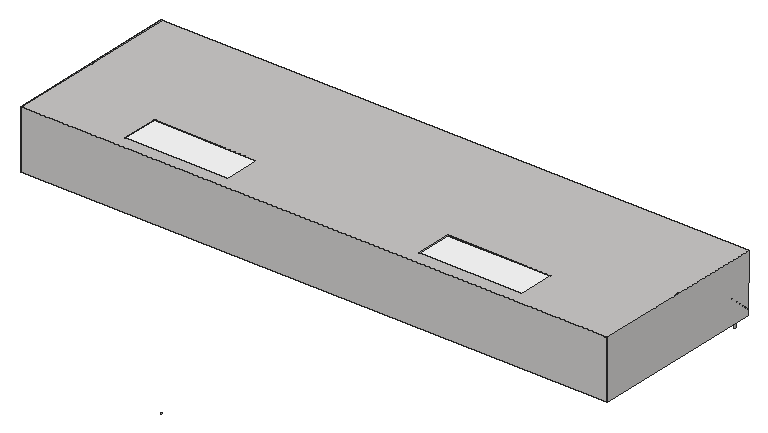
Revit family "QF_ELECTROLUXPROFESSIONAL_640195_EPF1240", category Specialty Equipment, Revit 2014
Reference planes
  plane 1: z = 0
  plane 2 "Center (Left/Right)": x = 150
  plane 3 "LEFT": x = -1850
  plane 4 "RIGHT": x = 2150
  plane 5 "BACK": y = 550
  plane 6 "TOP": z = 2400
  plane 7 "Base": z = 2000
  plane 8: z = 1970
  plane 9 "DrainY": y = 450
  plane 10: x = -1847
  plane 11: y = -320
  plane 12: y = -570
  plane 13 "DrainX": x = 2137
  plane 14 "AOLeft2": x = -500
  plane 15 "AORight1": x = 800
  plane 16: x = 2147
  plane 17: x = -1650
  plane 18: x = 1950
  plane 19 "Center (Front/Back)": y = -50
  plane 20 "Front": y = -650
  plane 21: through (0, -49.6, 2399.19) normal (0, -0.5736, 0.8192)
  plane 22: x = 50
  plane 23: x = 250
  plane 24 "AOLeft1": x = -1200
  plane 25 "AORight2": x = 1500
Forms (mm)
  Extrusion 1, solid, material "QF_Finishes_Stainless Steel"
    sketch origin (-1850, 0, 360) x (0, 1, 0) y (0, 0, 1)
      loop
        line (550, 1640) -> (550, 2040) -> (-650, 2040) -> (-650, 1640) -> (550, 1640)
    from 0 to 3
  Extrusion 2, solid, material "QF_Finishes_Stainless Steel"
    sketch origin (2150, 0, 360) x (0, 1, 0) y (0, 0, 1)
      loop
        line (550, 1640) -> (550, 2040) -> (-650, 2040) -> (-650, 1640) -> (550, 1640)
    from 0 to -3
  Extrusion 3, solid, material "QF_Finishes_Stainless Steel"
    sketch origin (150, 0, 360) x (0, 1, 0) y (0, 0, 1)
      loop
        line (-650, 2040) -> (-650, 1640) -> (-640, 1640) -> (-640, 1640.8) -> (-649.2, 1640.8) -> (-649.2, 2039.19) -> (549.2, 2039.19) -> (549.2, 1640.8) -> (540, 1640.8) -> (540, 1640) -> (550, 1640) -> (550, 2040) -> (-650, 2040)
    from -2000 to 2000
  Extrusion 4, solid, material "QF_Finishes_Stainless Steel"
    sketch origin (0, 0, 2000) x (0, 1, 0) y (-1, 0, 0)
      loop
        circle (450, -2137) r 4.763
    from -30 to 0
  Extrusion 5, void
    sketch origin (0, 0, 2400) x (0, 1, 0) y (-1, 0, 0)
      loop
        line (-320, 500) -> (-320, 1200) -> (-570, 1200) -> (-570, 500) -> (-320, 500)
    from 0 to -10
  Extrusion 6, solid, material "QF_Finishes_Stainless Steel"
    sketch origin (0, 0, 0) x (1, 0, 0) y (0, 1, 0)
      loop
        line (-1850, 550) -> (-1850, 549) -> (-1849, 549) -> (-1849, 550) -> (-1850, 550)
    from 0 to 1
  Extrusion 7, solid, material "QF_Finishes_Stainless Steel"
    sketch origin (150, 0, 360) x (0, 1, 0) y (0, 0, 1)
      loop
        line (-131.515, 1981.832) -> (-134.381, 1985.926) -> (-573.276, 1678.608) -> (-570.553, 1674.415) -> (-131.515, 1981.832)
    from -1800 to -1997
  Extrusion 8, solid, material "QF_Finishes_Stainless Steel"
    sketch origin (150, 0, 360) x (0, 1, 0) y (0, 0, 1)
      loop
        line (-650, 2039.19) -> (-650, 1640) -> (-619.702, 1640) -> (-570.553, 1674.415) -> (-578.723, 1686.995) -> (-579.394, 1686.559) -> (-571.645, 1674.627) -> (-619.955, 1640.8) -> (-649.2, 1640.8) -> (-649.2, 2039.19) -> (-650, 2039.19)
      loop
        line (-49.6, 2039.19) -> (-50.995, 2039.19) -> (-131.319, 1982.947) -> (-139.464, 1994.578) -> (-140.119, 1994.12) -> (-131.515, 1981.832) -> (-49.6, 2039.19)
    from -1997 to 1997
  Extrusion 9, solid, material "QF_Finishes_Stainless Steel"
    sketch origin (150, 0, 360) x (0, 1, 0) y (0, 0, 1)
      loop
        line (-131.515, 1981.832) -> (-134.381, 1985.926) -> (-573.276, 1678.608) -> (-570.553, 1674.415) -> (-131.515, 1981.832)
    from 1997 to 1800
  Extrusion 10, solid, material "QF_Finishes_Stainless Steel"
    sketch origin (150, 0, 360) x (0, 1, 0) y (0, 0, 1)
      loop
        line (-131.515, 1981.832) -> (-134.381, 1985.926) -> (-573.276, 1678.608) -> (-570.553, 1674.415) -> (-131.515, 1981.832)
    from -100 to 100
  Extrusion 11, solid, material "QF_Finished_Chrome"
    sketch origin (150, 0, 360) x (0, 1, 0) y (0, 0, 1)
      loop
        line (-131.515, 1981.832) -> (-134.381, 1985.926) -> (-573.276, 1678.608) -> (-570.553, 1674.415) -> (-131.515, 1981.832)
    from -1800 to -100
  Extrusion 12, solid, material "QF_Finished_Chrome"
    sketch origin (150, 0, 360) x (0, 1, 0) y (0, 0, 1)
      loop
        line (-131.515, 1981.832) -> (-134.381, 1985.926) -> (-573.276, 1678.608) -> (-570.553, 1674.415) -> (-131.515, 1981.832)
    from 100 to 1800
  Sweep 13, solid, material "QF_Finishes_Stainless Steel"
    path origin (0, 0, 0) x (1, 0, 0) y (0, 1, 0)
      loop
        line (2150, 550) -> (-1850, 550) -> (-1850, -650) -> (2150, -650) -> (2150, 550)
    profile origin (2150, -50, 0) x (1, 0, 0) y (0, 0, 1)
      loop
        line (-3, 2000) -> (-3, 2000.8) -> (-19, 2000.8) -> (-19, 2010) -> (-20, 2010) -> (-20, 2000) -> (-3, 2000)
  Extrusion 14, solid, material "QF_Finishes_Stainless Steel"
    sketch origin (150, 0, 0) x (0, 1, 0) y (0, 0, 1)
      loop
        line (549.2, 2040.8) -> (549.2, 2041.877) -> (289.521, 2275.693) -> (-43.438, 2399.19) -> (-45.739, 2399.19) -> (289.099, 2274.996) -> (549.2, 2040.8)
    from -1997 to 1997
  Extrusion 15, void
    sketch origin (1134.605, 0, 2400) x (0, 1, 0) y (-1, 0, 0)
      loop
        line (-320, -365.395) -> (-320, 334.605) -> (-570, 334.605) -> (-570, -365.395) -> (-320, -365.395)
    from 0 to -10
Cuts and joins
  Extrusion 5, Extrusion 15 cuts Extrusion 3
  joined: Extrusion 2, Extrusion 3, Sweep 13
Lines and regions (mm)
  symbolic lines, style "SpecialityEquipment", detail levels coarse
    curve 1: line (2150, 550, 2400) -> (-1850, 550, 2400)
    curve 2: line (-1850, 550, 2400) -> (-1850, -650, 2400)
    curve 3: line (2150, -650, 2400) -> (2150, 550, 2400)
    curve 4: line (-1850, 550, 0) -> (2150, -650, 0)
    curve 5: line (2150, 550, 0) -> (-1850, -650, 0)
    curve 6: line (-1850, -650, 0) -> (2150, -650, 0)
    curve 7: line (-500, -443.853, 0) -> (-1162.844, -443.853, 0)
    curve 8: line (-500, -570, 0) -> (-500, -443.853, 0)
    curve 9: line (-1162.844, -570, 0) -> (-500, -570, 0)
    curve 10: line (-1162.844, -443.853, 0) -> (-1162.844, -570, 0)
    curve 11: line (800, -443.853, 0) -> (800, -570, 0)
    curve 12: line (1462.844, -443.853, 0) -> (800, -443.853, 0)
    curve 13: line (1462.844, -570, 0) -> (1462.844, -443.853, 0)
    curve 14: line (800, -570, 0) -> (1462.844, -570, 0)
Dimensions and locks
  plane 3 "LEFT" to plane 4 "RIGHT" = 4000 mm
  equal spacing: plane 3 "LEFT", plane 2 "Center (Left/Right)", plane 4 "RIGHT"
  plane 7 "Base" to plane 8 = 30 mm
  plane 5 "BACK" to plane 9 "DrainY" = 100 mm  (x2)
  plane 3 "LEFT" to plane 10 = 3 mm
  plane 13 "DrainX" to plane 4 "RIGHT" = 13 mm
  plane 16 to plane 4 "RIGHT" = 3 mm
  plane 3 "LEFT" to plane 17 = 200 mm
  plane 18 to plane 4 "RIGHT" = 200 mm
  locked: plane 14 "AOLeft2" to plane 15 "AORight1" at 1300
  equal spacing: plane 14 "AOLeft2", plane 2 "Center (Left/Right)", plane 15 "AORight1"
  locked: plane 7 "Base" to level at 2000
  locked: plane 6 "TOP" to plane 7 "Base" at 400
  plane 5 "BACK" to plane 20 "Front" = 1200 mm  (x2)
  equal spacing: plane 5 "BACK", plane 19 "Center (Front/Back)", plane 20 "Front"
  locked: plane 22 to plane 23 at 200
  equal spacing: plane 22, plane 2 "Center (Left/Right)", plane 23
  plane 12 to plane 20 "Front" = 80 mm
  locked: plane 11 to plane 12 at 250
  locked: plane 24 "AOLeft1" to plane 14 "AOLeft2" at 700
  locked: plane 15 "AORight1" to plane 25 "AORight2" at 700
  aligned and locked: level to plane 1
  aligned and locked: plane 4 "RIGHT" to Extrusion 3
  aligned and locked: Extrusion 3 to plane 3 "LEFT"
  aligned and locked: Extrusion 5 to plane 12
  aligned and locked: Extrusion 5 to plane 11
  aligned and locked: Extrusion 7 to plane 10
  aligned and locked: Extrusion 7 to plane 17
  aligned and locked: Extrusion 2 to plane 16
  aligned and locked: plane 16 to Extrusion 9
  aligned and locked: plane 18 to Extrusion 9
  aligned and locked: plane 23 to Extrusion 10
  aligned and locked: Extrusion 10 to plane 22
  aligned and locked: plane 22 to Extrusion 11
  aligned and locked: Extrusion 11 to plane 17
  aligned and locked: Extrusion 12 to plane 23
  aligned and locked: Extrusion 12 to plane 18
  aligned and locked: Extrusion 14 to plane 10
  aligned and locked: plane 16 to Extrusion 14
  aligned and locked: Extrusion 8 to plane 10
  aligned and locked: plane 16 to Extrusion 8
  aligned and locked: Extrusion 5 to plane 24 "AOLeft1"
  aligned and locked: Extrusion 5 to plane 14 "AOLeft2"
  aligned and locked: plane 25 "AORight2" to Extrusion 15
  aligned and locked: plane 15 "AORight1" to Extrusion 15
Automatic sketch dimensions
  Extrusion 1 sketch curve to plane 7 "Base" = 0 mm
  Extrusion 1 sketch curve to plane 20 "Front" = 0 mm
  Extrusion 1 sketch curve to plane 5 "BACK" = 0 mm
  Extrusion 1 sketch curve to plane 6 "TOP" = 0 mm
  Extrusion 2 sketch curve to plane 7 "Base" = 0 mm
  Extrusion 2 sketch curve to plane 20 "Front" = 0 mm
  Extrusion 2 sketch curve to plane 5 "BACK" = 0 mm
  Extrusion 2 sketch curve to plane 6 "TOP" = 0 mm
  Extrusion 3 sketch curve to plane 6 "TOP" = 0 mm
  Extrusion 3 sketch curve to plane 20 "Front" = 0 mm
  Extrusion 3 sketch curve to plane 7 "Base" = 0 mm  (x2)
  Extrusion 3 sketch curve to plane 5 "BACK" = 0 mm
  plane 20 "Front" to Extrusion 3 sketch curve = 0.8 mm
  Extrusion 3 sketch curve to Extrusion 3 sketch curve = 9.2 mm
  plane 7 "Base" to Extrusion 3 sketch curve = 0.8 mm  (x2)
  Extrusion 3 sketch curve to plane 5 "BACK" = 10 mm
  Extrusion 3 sketch curve to plane 5 "BACK" = 0.8 mm
  Extrusion 3 sketch curve to plane 6 "TOP" = 0.81 mm
  Extrusion 4 sketch curve to plane 9 "DrainY" = 0 mm
  Extrusion 4 sketch curve to plane 13 "DrainX" = 0 mm
  Extrusion 5 sketch curve to plane 12 = 0 mm
  plane 11 to Extrusion 5 sketch curve = 0 mm
  Extrusion 5 sketch curve to plane 14 "AOLeft2" = 0 mm
  Extrusion 5 sketch curve to plane 24 "AOLeft1" = 0 mm
  Extrusion 6 sketch curve to plane 3 "LEFT" = 0 mm
  Extrusion 6 sketch curve to plane 5 "BACK" = 0 mm
  plane 3 "LEFT" to Extrusion 6 sketch curve = 1 mm
  Extrusion 6 sketch curve to Extrusion 6 sketch curve = 1 mm
  Extrusion 7 sketch curve to plane 21 = 0 mm  (x2)
  Extrusion 7 sketch curve to plane 12 = 3.276 mm
  Extrusion 7 sketch curve to plane 12 = 0.553 mm
  Extrusion 7 sketch curve to plane 6 "TOP" = 54.074 mm
  Extrusion 7 sketch curve to plane 19 "Center (Front/Back)" = 84.381 mm
  Extrusion 8 sketch curve to plane 20 "Front" = 0 mm
  Extrusion 8 sketch curve to plane 7 "Base" = 0 mm
  Extrusion 8 sketch curve to plane 21 = 0 mm  (x4)
  plane 20 "Front" to Extrusion 8 sketch curve = 0.8 mm
  Extrusion 8 sketch curve to Extrusion 8 sketch curve = 0.252 mm
  Extrusion 8 sketch curve to plane 12 = 9.394 mm
  Extrusion 8 sketch curve to Extrusion 8 sketch curve = 0.671 mm
  Extrusion 8 sketch curve to plane 12 = 1.645 mm
  Extrusion 8 sketch curve to plane 12 = 0.553 mm
  Extrusion 8 sketch curve to plane 6 "TOP" = 45.88 mm
  Extrusion 8 sketch curve to plane 19 "Center (Front/Back)" = 90.119 mm
  Extrusion 8 sketch curve to plane 6 "TOP" = 45.422 mm
  Extrusion 8 sketch curve to plane 6 "TOP" = 57.053 mm
  Extrusion 8 sketch curve to plane 6 "TOP" = 0.81 mm  (x2)
  plane 7 "Base" to Extrusion 8 sketch curve = 0.8 mm
  Extrusion 8 sketch curve to Extrusion 8 sketch curve = 0.212 mm
  Extrusion 9 sketch curve to plane 21 = 0 mm  (x2)
  Extrusion 9 sketch curve to plane 12 = 3.276 mm
  Extrusion 9 sketch curve to plane 12 = 0.553 mm
  Extrusion 9 sketch curve to plane 6 "TOP" = 54.074 mm
  Extrusion 9 sketch curve to plane 19 "Center (Front/Back)" = 84.381 mm
  Extrusion 10 sketch curve to plane 21 = 0 mm  (x2)
  Extrusion 10 sketch curve to plane 12 = 3.276 mm
  Extrusion 10 sketch curve to plane 12 = 0.553 mm
  Extrusion 10 sketch curve to plane 6 "TOP" = 54.074 mm
  Extrusion 10 sketch curve to plane 19 "Center (Front/Back)" = 84.381 mm
  Extrusion 11 sketch curve to plane 21 = 0 mm  (x2)
  Extrusion 11 sketch curve to plane 12 = 3.276 mm
  Extrusion 11 sketch curve to plane 12 = 0.553 mm
  Extrusion 11 sketch curve to plane 6 "TOP" = 54.074 mm
  Extrusion 11 sketch curve to plane 19 "Center (Front/Back)" = 84.381 mm
  Extrusion 12 sketch curve to plane 21 = 0 mm  (x2)
  Extrusion 12 sketch curve to plane 12 = 3.276 mm
  Extrusion 12 sketch curve to plane 12 = 0.553 mm
  Extrusion 12 sketch curve to plane 6 "TOP" = 54.074 mm
  Extrusion 12 sketch curve to plane 19 "Center (Front/Back)" = 84.381 mm
  Sweep 13 sketch curve to plane 3 "LEFT" = 0 mm
  Sweep 13 sketch curve to plane 4 "RIGHT" = 0 mm
  Sweep 13 sketch curve to plane 20 "Front" = 0 mm
  Sweep 13 sketch curve to plane 5 "BACK" = 0 mm
  profile plane to Sweep 13 sketch curve = 20 mm
  Sweep 13 sketch curve to Sweep 13 sketch curve = 1 mm
  profile plane to Sweep 13 sketch curve = 3 mm
  level to Sweep 13 sketch curve = 2000 mm
  Sweep 13 sketch curve to Sweep 13 sketch curve = 0.8 mm
  Sweep 13 sketch curve to Sweep 13 sketch curve = 9.2 mm
  Extrusion 14 sketch curve to plane 6 "TOP" = 0.81 mm  (x2)
  plane 19 "Center (Front/Back)" to Extrusion 14 sketch curve = 6.562 mm
  Extrusion 14 sketch curve to plane 9 "DrainY" = 160.901 mm
  Extrusion 14 sketch curve to Extrusion 14 sketch curve = 0.422 mm
  Extrusion 14 sketch curve to plane 5 "BACK" = 0.8 mm
  Extrusion 14 sketch curve to plane 6 "TOP" = 124.307 mm
  Extrusion 14 sketch curve to Extrusion 14 sketch curve = 0.697 mm
  plane 7 "Base" to Extrusion 14 sketch curve = 41.877 mm
  Extrusion 14 sketch curve to Extrusion 14 sketch curve = 1.077 mm
  Extrusion 14 sketch curve to Extrusion 14 sketch curve = 2.3 mm
  Extrusion 15 sketch curve to plane 12 = 0 mm
  plane 11 to Extrusion 15 sketch curve = 0 mm
  Extrusion 15 sketch curve to plane 15 "AORight1" = 700 mm
  plane 23 to Extrusion 15 sketch curve = 550 mm
  curve 2 to plane 3 "LEFT" = 0 mm
  curve 2 to plane 20 "Front" = 0 mm
  curve 3 to plane 4 "RIGHT" = 0 mm
  curve 3 to plane 20 "Front" = 0 mm
  curve 2 to plane 5 "BACK" = 0 mm
  curve 6 to plane 3 "LEFT" = 0 mm
  curve 4 to plane 3 "LEFT" = 0 mm
  curve 10 to plane 12 = 0 mm
  curve 8 to plane 14 "AOLeft2" = 0 mm
  curve 14 to plane 12 = 0 mm
  curve 14 to plane 15 "AORight1" = 0 mm
  curve 5 to plane 4 "RIGHT" = 0 mm
  curve 6 to plane 4 "RIGHT" = 0 mm
  curve 4 to plane 20 "Front" = 0 mm
  curve 4 to plane 5 "BACK" = 0 mm
  curve 5 to plane 5 "BACK" = 0 mm
  plane 24 "AOLeft1" to curve 10 = 37.156 mm
  curve 14 to plane 25 "AORight2" = 37.156 mm
  radius of Extrusion 4 sketch curve = 4.763 mm
Connectors
  piping at (2137, 450, 1970), diameter 9.5
    settings: on Extrusion 4, index 1, connector inside diameter 609.6 mm, connector length 0 mm, flow factor 0, pipe flow 0.0 L/s, pressure drop 0.0 Pa, fitting loss kfactor 0, connector angle 0.00°, fixture units 0, engagement length 0 mm, angle of deflection 0.00°, flow configuration 1, flow direction 2, fitting loss method 0, system type 16, joint type 0, gender type 0, connector reference index -1, connector utility 0, adjustable connector no, is connector primary yes, connector description "Drain"
  hvac at (-850, -445, 2400)
    settings: on Extrusion 5, index 2, duct flow 0.0 L/s, flow factor 0, pres drop 0.0 Pa, loss coef 0, conn angle 0.00°, conn width 250 mm, conn height 700 mm, conn diameter 609.6 mm, duct sys type 3, conn prof type 1, flow config 1, flow direction 2, loss method 0, conn ref index -1, conn util no, is conn primary yes, conn desc "EXHAUST OUTLET"
  hvac at (1150, -445, 2400)
    settings: on Extrusion 15, index 3, duct flow 0.0 L/s, flow factor 0, pres drop 0.0 Pa, loss coef 0, conn angle 0.00°, conn width 250 mm, conn height 700 mm, conn diameter 609.6 mm, duct sys type 3, conn prof type 1, flow config 1, flow direction 2, loss method 0, conn ref index -1, conn util no, is conn primary no, conn desc "EXHAUST OUTLET"
